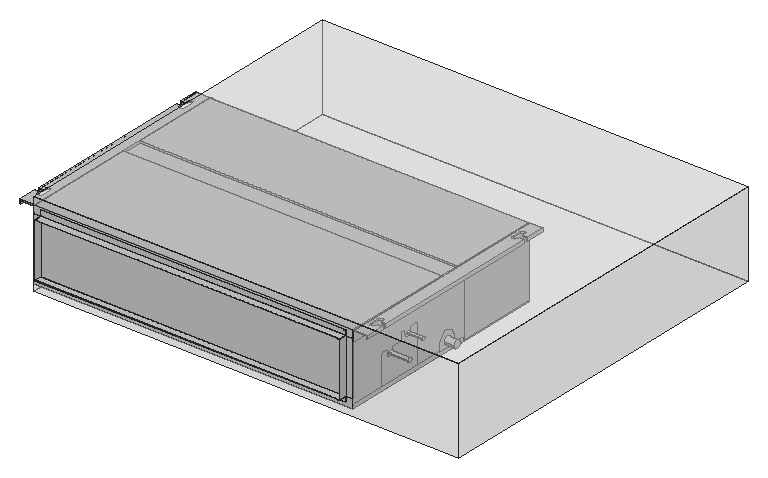
Revit family "outputfile", category 機械設備, Revit 2024
Family settings
  丸型コネクタ寸法 = 半径を使用
  パーツ タイプ = 標準
  OmniClass 番号 = 23.75.10.24.21.27.27
  OmniClass タイトル = Split System Air Conditioning Units
  作業面ベース = いいえ
  常に垂直 = はい
  ロード時にボイドで切り取り = いいえ
  注釈の向きを維持 = いいえ
  共有 = いいえ
  部屋計算ポイント = はい
Parameters (values of type "FDKS35CAVMB")
  Description = ""
  書き出し IFC クラス(タイプ) = "IfcUnitaryEquipmentType"
  定義済み IFC タイプ(タイプ) = "AIRCONDITIONINGUNIT"
  Cost = 0
  Type Comments = ""
  Keynote = ""
  Type Image = (empty or 0)
  Assembly Code = ""
  switch_frequency = yes
  ld_powersupply = Depth / 2  # 310.0 mm
  製造元 = "Daikin"
  モデル = "FDKS35CAVMB"
  r_Liquid Pipe Size = Liquid Pipe Size / 2  # 3.2 mm
  r_Gas Pipe Size = Gas Pipe Size / 2  # 4.75 mm
  r_Drain Pipe Size = Drain Pipe Size / 2  # 10.0 mm
  lw_powersupply = 50.0 mm  # constant formula
  lw_ductflange2 = 820.0 mm
  lw_Width = 860.0 mm
  lh_suctionflange [instance] = 100.0 mm  # constant formula
  ld_suctionflange [instance] = if(Rear Connection_Return Air, 190.0 mm, 100.0 mm)  # 190.0 mm
  connector_voltage = Voltage_50Hz  # 230 V
  connector_powerinput = [Power Input (Cooling)]  # 0.000 kW
  connector_phase = Phase_50Hz  # 1
  angle_vertical_RA [instance] = if(Rear Connection_Return Air, 90.00°, 0.00°)  # 90.00°
  angle horizontal_RA [instance] = if(Rear Connection_Return Air, 180.00°, 270.00°)  # 180.00°
  Voltage_comment_50Hz = "220 - 240"
  Voltage_50Hz = 230 V
  URL = ""
  Supply Air Direction [instance] = yes
  Sound Power Level_H speed (dB) = 0
  Rear Connection_Return Air [instance] = not(Bottom Connection_Return Air)  # yes
  RA_length [instance] = if(Rear Connection_Return Air, 190.0 mm, 100.0 mm)  # 190.0 mm
  Phase_50Hz = 1
  Minimum External Static Pressure = 0.00 Pa
  Minimum Circuit Amps_50Hz = 0.0 A
  Maximum Fuse Amps_50Hz = 0.0 A
  Maximum External Static Pressure = 40.00 Pa
  Material_Casing = DAIKIN_GalvanizedSteel_Casing_indoorunit
  lw_liquidpipe = 46.0 mm  # constant formula
  lw_gaspipe = 57.0 mm  # constant formula
  lw_mountinghole = 940.0 mm
  lw_drainpipe = 30.0 mm  # constant formula
  lh_powersupply = 150.0 mm  # constant formula
  lh_liquidpipe = 90.0 mm  # constant formula
  lh_gaspipe = 113.0 mm  # constant formula
  lh_mountinghole = Height  # 200.0 mm
  lh_drainpipe = 170.0 mm  # constant formula
  lh_antena = 1.0 mm  # constant formula
  ld_liquidpipe = 193.0 mm  # constant formula
  ld_gaspipe = 130.0 mm  # constant formula
  ld_mountinghole = 500.0 mm  # constant formula
  ld_drainpipe = 330.0 mm  # constant formula
  ld_controlbox = 626.0 mm  # constant formula
  h*** = 0.0 mm  # constant formula
  d_dischargeflange = 21.2 mm  # constant formula
  Width = 900.0 mm
  Version = "ver.1.0"
  Unit Type = "Duct (L.S.P)"
  Unit Mass Weight = 25.00 kg
  Unit Designation [instance] = ""
  Uniclass2015Version = "Products v1.30"
  Uniclass2015Title = "Split coil room air conditioning units"
  Uniclass2015Code = "Pr_70_65_03_86"
  Total Cooling Capacity [instance] = 0.000 kW
  Sound Pressure Level_M speed (dBA) = 33
  Sound Pressure Level_L speed (dBA) = 31
  Sound Pressure Level_H speed (dBA) = 35
  Series = "Multi Split_Fan Coil Unit"
  Sensible Cooling Capacity [instance] = 0.000 kW
  SA Duct Size Width = 860.0 mm
  SA Duct Size Height = 153.0 mm
  Refrigerant Type = "R410A"
  RA Duct Size Width = 780.0 mm
  RA Duct Size Height = 160.0 mm
  Power Input (Cooling) = 0.000 kW
  Option Accessory 3 [instance] = ""
  Option Accessory 2 [instance] = ""
  Option Accessory 1 [instance] = ""
  Nominal Cooling Capacity = 3.500 kW
  Minimum Airflow = 510.00 m³/h
  Median Airflow = 558.00 m³/h
  Maximum Airflow = 600.00 m³/h
  Load Classification = HVAC
  Liquid Pipe Size = 6.4 mm
  Link_Nested Family [instance] = ""
  IfcVersion = ""
  IfcExportType = "AIRCONDITIONINGUNIT"
  IfcExportAs = "IfcUnitaryEquipmentType"
  Height = 200.0 mm
  Heat Exchanger Type = "Cross Fin Coil"
  Gas Pipe Size = 9.5 mm
  Frequency_50Hz = 50 Hz
  Fan Type = "Sirocco Fan"
  Fan Drive = "Direct Drive"
  FCU Tag No. [instance] = ""
  Drain Pipe Size = 20.0 mm
  Design Supply Airflow [instance] = 0.00 m³/h
  Design Return Airflow [instance] = 0.00 m³/h
  Design External Static Pressure [instance] = 0.00 Pa
  Depth = 620.0 mm
  既定の高さ = 0.0 mm
  Cooling Entering Wet Bulb Temperature [instance] = 0.00 °C
  Cooling Entering Dry Bulb Temperature [instance] = 0.00 °C
  Cooling Ambient Wet Bulb Temperature [instance] = 0.00 °C
  Cooling Ambient Dry Bulb Temperature [instance] = 0.00 °C
  Clearance visibility [instance] = yes
  Clearance Top = 20.0 mm
  Clearance Right = 300.0 mm
  Clearance Rear = 400.0 mm
  Clearance Left = 0.0 mm
  Clearance Front = 0.0 mm
  Clearance Bottom = 20.0 mm
  Bottom Connection_Return Air [instance] = no
Reference planes
  plane 1 "Center (Front/Back)": y = 0
  plane 2: z = 0
  plane 3 "Center (Left/Right)": x = 0
  plane 4 "Back": y = 310
  plane 5 "Front": y = -310
  plane 6 "Left": x = -450
  plane 7 "Right": x = 450
  plane 8 "Top": z = 0
  plane 9 "Bottom": z = -200
  plane 10: x = -470
  plane 11: x = 470
  plane 12: y = 250
  plane 13: z = 0
  plane 14 "Clearance Left": x = -450
  plane 15 "Clearance Right": x = 750
  plane 16 "Clearance Rear": y = 710
  plane 17 "Clearance Front": y = -310
  plane 18 "Clearance Top": z = 20
  plane 19 "Clearance Bottom": z = -220
  plane 20: y = -250
  plane 21: z = -21
  plane 22: z = -97.5
  plane 23: x = -40
  plane 24: y = 120
  plane 25: z = -100
  plane 26: y = -180
  plane 27: z = -113
  plane 28: y = -117
  plane 29: z = -90
  plane 30: y = 20
  plane 31: z = -170
  plane 32: x = 507
  plane 33: x = 496
  plane 34: x = 480
  plane 35: x = 400
  plane 36: z = -150
Forms (mm)
  Extrusion 1, solid, material "DAIKIN_GalvanizedSteel_Casing_indoorunit" <- "Material_Casing"
    sketch origin (0, 0, 0) x (1, 0, 0) y (0, 1, 0)
      loop
        line (-450, -310) -> (450, -310) -> (450, 310) -> (-450, 310) -> (-450, -310)
    from -200 to 0
  Extrusion 2, void
    sketch origin (0, 0, 1) x (1, 0, 0) y (0, 1, 0)
      loop
        line (-450, 61.5) -> (-450, 3.5) -> (450, 3.5) -> (450, 61.5) -> (-450, 61.5)
    from -1 to -7
  Extrusion 3, solid, material "DAIKIN_GalvanizedSteel_Casing_indoorunit" <- "Material_Casing", visible <- "Bottom Connection_Return Air"
    sketch origin (0, 0, 0) x (1, 0, 0) y (0, 0, 1)
      loop
        line (369, -200) -> (369, -1) -> (-449, -1) -> (-449, -200) -> (369, -200)
    from -310 to -309
  Extrusion 4, solid, material "DAIKIN_GalvanizedSteel_Casing_indoorunit" <- "Material_Casing", visible <- "Rear Connection_Return Air"
    sketch origin (0, 0, 0) x (1, 0, 0) y (0, 1, 0)
      loop
        line (-449, 310) -> (-449, 111) -> (369, 111) -> (369, 310) -> (-449, 310)
    from -200 to -199
  Extrusion 5, solid, material "DAIKIN_GalvanizedSteel_Casing_indoorunit" <- "Material_Casing"
    sketch origin (450, 0, 0) x (0, 1, 0) y (0, 0, 1)
      loop
        circle (-180, -113) r 4.75
    from 0 to 57
  Extrusion 6, solid, material "DAIKIN_GalvanizedSteel_Casing_indoorunit" <- "Material_Casing"
    sketch origin (450, 0, 0) x (0, 1, 0) y (0, 0, 1)
      loop
        circle (-117, -90) r 3.2
    from 0 to 46
  Extrusion 7, solid, material "DAIKIN_GalvanizedSteel_Casing_indoorunit" <- "Material_Casing"
    sketch origin (450, 0, 0) x (0, 1, 0) y (0, 0, 1)
      loop
        circle (20, -170) r 10
    from 0 to 30
  Extrusion 8, solid, material "DAIKIN_GalvanizedSteel_Casing_indoorunit" <- "Material_Casing"
    sketch origin (450, 0, 0) x (0, 1, 0) y (0, 0, 1)
      loop
        line (-310, -200) -> (78.6, -200) -> (78.6, -193)
        arc (78.6, -193) -> (77.721, -190.879) -> (75.6, -190) r 3
        line (75.6, -190) -> (-310, -190) -> (-310, -200)
    from 0 to -1
  Extrusion 9, solid, material "DAIKIN_GalvanizedSteel_Casing_indoorunit" <- "Material_Casing"
    sketch origin (450, 0, 0) x (0, 1, 0) y (0, 0, 1)
      loop
        line (-210, -190) -> (-85.6, -190) -> (-85.6, -83)
        arc (-85.6, -83) -> (-86.479, -80.879) -> (-88.6, -80) r 3
        line (-88.6, -80) -> (-102, -80)
        arc (-102, -80) -> (-104.121, -80.879) -> (-105, -83) r 3
        line (-105, -83) -> (-105, -90)
        arc (-105, -90) -> (-117, -102) -> (-129, -90) r 12
        line (-129, -90) -> (-129, -83)
        arc (-129, -83) -> (-129.879, -80.879) -> (-132, -80) r 3
        line (-132, -80) -> (-136.1, -80)
        arc (-136.1, -80) -> (-138.221, -80.879) -> (-139.1, -83) r 3
        line (-139.1, -83) -> (-139.1, -102.7) -> (-165, -102.7)
        arc (-165, -102.7) -> (-167.121, -103.579) -> (-168, -105.7) r 3
        line (-168, -105.7) -> (-168, -113)
        arc (-168, -113) -> (-180, -125) -> (-192, -113) r 12
        line (-192, -113) -> (-192, -105.7)
        arc (-192, -105.7) -> (-192.879, -103.579) -> (-195, -102.7) r 3
        line (-195, -102.7) -> (-207, -102.7)
        arc (-207, -102.7) -> (-209.121, -103.579) -> (-210, -105.7) r 3
        line (-210, -105.7) -> (-210, -190)
    from 0 to -1
  Extrusion 10, solid, material "DAIKIN_GalvanizedSteel_Casing_indoorunit" <- "Material_Casing"
    sketch origin (450, 0, 0) x (0, 1, 0) y (0, 0, 1)
      loop
        arc (44.5, -170) -> (20, -145.5) -> (-4.5, -170) r 24.5
        line (-4.5, -170) -> (-4.5, -190) -> (44.5, -190) -> (44.5, -170)
    from 0 to -1
  Extrusion 11, solid, material "DAIKIN_GalvanizedSteel_Casing_indoorunit" <- "Material_Casing"
    sketch origin (450, 0, 0) x (0, 1, 0) y (0, 0, 1)
      loop
        arc (86.6, -22) -> (84.479, -22.879) -> (83.6, -25) r 3
        line (83.6, -25) -> (83.6, -194.5)
        arc (83.6, -194.5) -> (84.479, -196.621) -> (86.6, -197.5) r 3
        line (86.6, -197.5) -> (307, -197.5)
        arc (307, -197.5) -> (309.121, -196.621) -> (310, -194.5) r 3
        line (310, -194.5) -> (310, -25)
        arc (310, -25) -> (309.121, -22.879) -> (307, -22) r 3
        line (307, -22) -> (86.6, -22)
    from 0 to -1
Cuts and joins
  Extrusion 2 cuts Extrusion 1
Dimensions and locks
  "Height": plane 8 "Top" to plane 9 "Bottom"
  equal spacing: plane 10, plane 3 "Center (Left/Right)", plane 11
  "lw_mountinghole": plane 10 to plane 11
  equal spacing: plane 6 "Left", plane 3 "Center (Left/Right)", plane 7 "Right"
  "Width": plane 6 "Left" to plane 7 "Right"
  "Clearance Right": plane 7 "Right" to plane 15 "Clearance Right"
  "Clearance Left": plane 14 "Clearance Left" to plane 6 "Left"
  "Clearance Rear": plane 16 "Clearance Rear" to plane 4 "Back"
  "Clearance Front": plane 5 "Front" to plane 17 "Clearance Front"
  "Clearance Top": plane 18 "Clearance Top" to plane 8 "Top"
  "Clearance Bottom": plane 9 "Bottom" to plane 19 "Clearance Bottom"
  "Depth": plane 4 "Back" to plane 5 "Front"
  equal spacing: plane 4 "Back", plane 1 "Center (Front/Back)", plane 5 "Front"
  Extrusion 3 sketch curve to Extrusion 3 sketch curve = 199.0 mm
  locked: plane 20 to plane 5 "Front" at 60
  "ld_mountinghole": plane 12 to plane 20
  locked: plane 8 "Top" to plane 21 at 21
  locked: plane 23 to plane 3 "Center (Left/Right)" at 40
  "ld_suctionflange": plane 4 "Back" to plane 24
  "lh_suctionflange": plane 8 "Top" to plane 25
  "ld_gaspipe": plane 26 to plane 5 "Front"
  "lh_gaspipe": plane 8 "Top" to plane 27
  "ld_liquidpipe": plane 28 to plane 5 "Front"
  "lh_liquidpipe": plane 8 "Top" to plane 29
  "ld_drainpipe": plane 30 to plane 5 "Front"
  "lh_drainpipe": plane 8 "Top" to plane 31
  "lw_gaspipe": plane 7 "Right" to plane 32
  "lw_liquidpipe": plane 7 "Right" to plane 33
  "lw_drainpipe": plane 7 "Right" to plane 34
  "lw_powersupply": plane 35 to plane 7 "Right"
  "lh_powersupply": plane 8 "Top" to plane 36
  "r_Gas Pipe Size": radius of Extrusion 5 sketch curve
  "r_Liquid Pipe Size": radius of Extrusion 6 sketch curve
  "r_Drain Pipe Size": radius of Extrusion 7 sketch curve
  aligned and locked: level to plane 2
  aligned and locked: Extrusion 1 to plane 9 "Bottom"
  aligned and locked: plane 8 "Top" to Extrusion 1
  aligned and locked: plane 11 to nested 2
  aligned and locked: plane 10 to nested 3
  aligned and locked: plane 10 to nested 4
  aligned and locked: plane 8 "Top" to Extrusion 2
  aligned and locked: plane 9 "Bottom" to Extrusion 4  (x2)
  aligned and locked: plane 7 "Right" to cut or joined group of Extrusion 1, Extrusion 2  (x2)
  aligned and locked: plane 3 "Center (Left/Right)" to nested 9
  aligned and locked: plane 6 "Left" to nested 7
  aligned and locked: plane 8 "Top" to nested 9
  aligned and locked: plane 11 to nested 1
  aligned and locked: nested 6 to plane 1 "Center (Front/Back)"
  aligned and locked: plane 3 "Center (Left/Right)" to nested 6
  aligned and locked: level to plane 8 "Top"
  aligned and locked: plane 1 "Center (Front/Back)" to nested 9
  aligned and locked: plane 5 "Front" to nested 10
  aligned and locked: Extrusion 1 sketch curve to plane 5 "Front"
  aligned and locked: plane 21 to nested 10
  aligned and locked: nested 5 to plane 5 "Front"
  aligned and locked: plane 3 "Center (Left/Right)" to nested 5
  aligned and locked: plane 22 to nested 5
  aligned and locked: Extrusion 2 sketch curve to plane 6 "Left"
  aligned and locked: plane 7 "Right" to Extrusion 2 sketch curve
  aligned and locked: nested 11 to plane 23
  aligned and locked: nested 11 to plane 24
  aligned and locked: plane 27 to Extrusion 5 sketch curve
  aligned and locked: plane 26 to Extrusion 5 sketch curve
  aligned and locked: plane 28 to Extrusion 6 sketch curve
  aligned and locked: plane 29 to Extrusion 6 sketch curve
  aligned and locked: plane 31 to Extrusion 7 sketch curve
  aligned and locked: plane 30 to Extrusion 7 sketch curve
  aligned and locked: plane 26 to nested 12
  aligned and locked: nested 12 to plane 27
  aligned and locked: plane 32 to Extrusion 5
  aligned and locked: plane 32 to nested 12
  aligned and locked: plane 33 to Extrusion 6
  aligned and locked: plane 28 to nested 13
  aligned and locked: nested 13 to plane 29
  aligned and locked: plane 33 to nested 13
  aligned and locked: plane 34 to Extrusion 7
  aligned and locked: plane 30 to nested 14
  aligned and locked: nested 14 to plane 31
  aligned and locked: plane 34 to nested 14
  aligned and locked: Extrusion 8 sketch curve to plane 9 "Bottom"
  aligned and locked: Extrusion 8 sketch curve to plane 5 "Front"
  aligned and locked: plane 14 "Clearance Left" to nested 15
  aligned and locked: plane 15 "Clearance Right" to nested 15
  aligned and locked: plane 16 "Clearance Rear" to nested 15
  aligned and locked: nested 15 to plane 17 "Clearance Front"
  aligned and locked: nested 15 to plane 18 "Clearance Top"
  aligned and locked: nested 15 to plane 19 "Clearance Bottom"
  aligned and locked: nested 16 to plane 35
  aligned and locked: nested 16 to plane 36
  aligned and locked: plane 4 "Back" to nested 16
Automatic sketch dimensions
  Extrusion 1 sketch curve to plane 4 "Back" = 0.0 mm
  Extrusion 1 sketch curve to plane 6 "Left" = 0.0 mm
  Extrusion 1 sketch curve to plane 7 "Right" = 0.0 mm
  Extrusion 4 sketch curve to plane 4 "Back" = 0.0 mm
  plane 6 "Left" to Extrusion 3 sketch curve = 1.0 mm
  plane 6 "Left" to Extrusion 4 sketch curve = 1.0 mm
  Extrusion 4 sketch curve to plane 1 "Center (Front/Back)" = 111.0 mm
  Extrusion 3 sketch curve to plane 9 "Bottom" = 0.0 mm
  Extrusion 3 sketch curve to plane 7 "Right" = 81.0 mm
  Extrusion 4 sketch curve to plane 7 "Right" = 81.0 mm
  Extrusion 2 sketch curve to plane 1 "Center (Front/Back)" = 3.5 mm
  Extrusion 2 sketch curve to Extrusion 2 sketch curve = 58.0 mm
  plane 9 "Bottom" to Extrusion 8 sketch curve = 7.0 mm
  Extrusion 8 sketch curve to plane 24 = 44.4 mm
  Extrusion 8 sketch curve to Extrusion 8 sketch curve = 3.0 mm
  Extrusion 9 sketch curve to plane 27 = 0.0 mm
  Extrusion 9 sketch curve to plane 26 = 0.0 mm
  Extrusion 9 sketch curve to plane 29 = 0.0 mm
  Extrusion 9 sketch curve to plane 28 = 0.0 mm
  Extrusion 9 sketch curve to plane 26 = 12.0 mm
  Extrusion 9 sketch curve to plane 25 = 2.7 mm  (x2)
  Extrusion 9 sketch curve to Extrusion 9 sketch curve = 3.0 mm  (x6)
  Extrusion 9 sketch curve to Extrusion 9 sketch curve = 12.0 mm
  plane 9 "Bottom" to Extrusion 9 sketch curve = 10.0 mm
  Extrusion 9 sketch curve to plane 26 = 30.0 mm
  Extrusion 9 sketch curve to plane 28 = 22.1 mm
  Extrusion 9 sketch curve to Extrusion 9 sketch curve = 4.1 mm
  plane 29 to Extrusion 9 sketch curve = 7.0 mm  (x2)
  Extrusion 9 sketch curve to Extrusion 9 sketch curve = 13.4 mm
  Extrusion 10 sketch curve to plane 30 = 0.0 mm
  Extrusion 10 sketch curve to plane 31 = 0.0 mm
  plane 1 "Center (Front/Back)" to Extrusion 10 sketch curve = 4.5 mm
  plane 9 "Bottom" to Extrusion 10 sketch curve = 10.0 mm
  Extrusion 11 sketch curve to plane 4 "Back" = 0.0 mm
  Extrusion 11 sketch curve to Extrusion 11 sketch curve = 3.0 mm  (x3)
  Extrusion 11 sketch curve to plane 21 = 1.0 mm
  Extrusion 11 sketch curve to plane 21 = 4.0 mm
  Extrusion 11 sketch curve to plane 24 = 33.4 mm
  plane 9 "Bottom" to Extrusion 11 sketch curve = 5.5 mm
Nested families
  nested 1: "daikin_mountinghole" at (470, 250, -200), l_antenna <- "lh_antena", Link_Nested Family <- "Link_Nested Family", h_mountinghole <- "lh_mountinghole", type "daikin_mountinghole"
    with show yes, l_antenna 1.0 mm, h_mountinghole 200.0 mm, Link_Nested Family ""
  nested 2: "daikin_mountinghole" at (470, -250, -200), Link_Nested Family <- "Link_Nested Family", l_antenna <- "lh_antena", h_mountinghole <- "lh_mountinghole", type "daikin_mountinghole"
    with show yes, l_antenna 1.0 mm, h_mountinghole 200.0 mm, Link_Nested Family ""
  nested 3: "daikin_mountinghole" at (-470, -250, -200), l_antenna <- "lh_antena", Link_Nested Family <- "Link_Nested Family", h_mountinghole <- "lh_mountinghole", type "daikin_mountinghole"
    with show yes, l_antenna 1.0 mm, h_mountinghole 200.0 mm, Link_Nested Family ""
  nested 4: "daikin_mountinghole" at (-470, 250, -200), l_antenna <- "lh_antena", Link_Nested Family <- "Link_Nested Family", h_mountinghole <- "lh_mountinghole", type "daikin_mountinghole"
    with show yes, l_antenna 1.0 mm, h_mountinghole 200.0 mm, Link_Nested Family ""
  nested 5: "daikin_connector_rotate2" at (0, -310, -97.5), length <- "d_dischargeflange", type "daikin_connector_rotate2"
    with radius 10.0 mm, length 21.2 mm, angle_vertical 90.00°, show_face no
  nested 6: "daikin_△_symbolicline" at (-75, -129.904, 200) x (-0.5, 0.866, 0) z (0, 0, 1), built-in parameter 1001364 <- "Height", visible <- "Supply Air Direction", type "daikin_△_symbolicline"
    with length 300.0 mm
  nested 7: "daikin_ductflange_FDKS-CAVMB_1" at (-40, 310, -100), visible <- "Rear Connection_Return Air", material <- "Material_Casing", width <- "lw_ductflange2", type "daikin_ductflange_FDKS-CAVMB_1"
    with width 820.0 mm, material DAIKIN_GalvanizedSteel_Casing_indoorunit, height 180.0 mm, depth 21.2 mm
  nested 8: "daikin_ductflange_FDKS-CAVMB_1" at (-40, 210, -200) x (1, 0, 0) z (0, 1, 0), visible <- "Bottom Connection_Return Air", material <- "Material_Casing", width <- "lw_ductflange2", type "daikin_ductflange_FDKS-CAVMB_1"
    with width 820.0 mm, material DAIKIN_GalvanizedSteel_Casing_indoorunit, height 180.0 mm, depth 21.2 mm
  nested 9: "daikin_hangerfixture_FDKS-CAVMB" at (0, 0, 0), type "daikin_hangerfixture_FDKS-CAVMB"
    with width 900.0 mm
  nested 10: "daikin_ductflange_FDKS-CAVMB" at (0, 3.5, -364.201), width <- "lw_Width", material <- "Material_Casing", type "daikin_ductflange_FDKS-CAVMB"
    with width 860.0 mm, material DAIKIN_GalvanizedSteel_Casing_indoorunit, height 155.0 mm, depth 21.2 mm
  nested 11: "daikin_connector_rotate3" at (-40, 120, -100), length <- "RA_length", angle_vertical <- "angle_vertical_RA", angle_horizontal <- "angle horizontal_RA", type "daikin_connector_rotate3"
    with show no, radius 10.0 mm, length 190.0 mm, angle_vertical 90.00°, angle_horizontal 180.00°
  nested 12: "daikin_connector_rotate2" at (450, -180, -113) x (0, 1, 0) z (0, 0, 1), length <- "lw_gaspipe", radius <- "r_Gas Pipe Size", type "daikin_connector_rotate2"
    with radius 4.75 mm, length 57.0 mm, angle_vertical 90.00°, show_face no
  nested 13: "daikin_connector_rotate2" at (450, -117, -90) x (0, 1, 0) z (0, 0, 1), radius <- "r_Liquid Pipe Size", length <- "lw_liquidpipe", type "daikin_connector_rotate2"
    with radius 3.2 mm, length 46.0 mm, angle_vertical 90.00°, show_face no
  nested 14: "daikin_connector_rotate2" at (450, 20, -170) x (0, 1, 0) z (0, 0, 1), radius <- "r_Drain Pipe Size", length <- "lw_drainpipe", type "daikin_connector_rotate2"
    with radius 10.0 mm, length 30.0 mm, angle_vertical 90.00°, show_face no
  nested 15: "daikin_clearancespace" at (150, 200, -99.881), visible <- "Clearance visibility", Link_Nested Family <- "Link_Nested Family", show <- "Clearance visibility", type "daikin_clearancespace"
    with width 1200.0 mm, show yes, height 240.0 mm, depth 1020.0 mm, Link_Nested Family ""
  nested 16: "daikin_connector_rotate2" at (400, 0, -150) x (-1, 0, 0) z (0, 0, 1), length <- "ld_powersupply", type "daikin_connector_rotate2"
    with radius 10.0 mm, length 310.0 mm, angle_vertical 90.00°, show_face no
Connectors
  hvac at (0, -331.2, -97.5), driven by "SA Duct Size Height", driven by "SA Duct Size Width"
    settings: on nested 5, index 1, duct flow 0.00 m³/h, flow factor 0, pres drop 0.00 Pa, loss coef 0, conn angle 0.00°, conn width 860.0 mm, conn height 153.0 mm, conn diameter 609.6 mm, duct sys type 1, conn prof type 1, flow config 0, flow direction 2, loss method 4, conn ref index -1, conn util no, is conn primary yes, conn desc "SA Duct"
  hvac at (-40, 310, -100), driven by "RA Duct Size Height", driven by "RA Duct Size Width"
    settings: on nested 11, index 2, duct flow 0.00 m³/h, flow factor 0, pres drop 0.00 Pa, loss coef 0, conn angle 0.00°, conn width 780.0 mm, conn height 160.0 mm, conn diameter 609.6 mm, duct sys type 2, conn prof type 1, flow config 0, flow direction 1, loss method 4, conn ref index -1, conn util no, is conn primary no, conn desc "RA Duct"
  piping at (507, -180, -113), diameter 9.5, driven by "r_Gas Pipe Size"
    settings: on nested 12, index 3, connector inside diameter 609.6 mm, connector length 0.0 mm, flow factor 0, pipe flow 0.00 m³/h, pressure drop 0.0 Pa, fitting loss kfactor 0, connector angle 0.00°, fixture units 0, engagement length 0.0 mm, angle of deflection 0.00°, flow configuration 1, flow direction 2, fitting loss method 0, system type 29, joint type 0, gender type 0, connector reference index -1, connector utility 0, adjustable connector no, is connector primary yes, connector description "Refrigerant Gas Piping"
  piping at (496, -117, -90), diameter 6.4, driven by "r_Liquid Pipe Size"
    settings: on nested 13, index 4, connector inside diameter 609.6 mm, connector length 0.0 mm, flow factor 0, pipe flow 0.00 m³/h, pressure drop 0.0 Pa, fitting loss kfactor 0, connector angle 0.00°, fixture units 0, engagement length 0.0 mm, angle of deflection 0.00°, flow configuration 1, flow direction 1, fitting loss method 0, system type 29, joint type 0, gender type 0, connector reference index -1, connector utility 0, adjustable connector no, is connector primary no, connector description "Refrigerant Liquid Piping"
  piping at (480, 20, -170), diameter 20, driven by "r_Drain Pipe Size"
    settings: on nested 14, index 5, connector inside diameter 609.6 mm, connector length 0.0 mm, flow factor 0, pipe flow 0.00 m³/h, pressure drop 0.0 Pa, fitting loss kfactor 0, connector angle 0.00°, fixture units 0, engagement length 0.0 mm, angle of deflection 0.00°, flow configuration 1, flow direction 2, fitting loss method 4, system type 16, joint type 0, gender type 0, connector reference index -1, connector utility 0, adjustable connector no, is connector primary no, connector description "Condensate Drain Piping"
  electrical at (400, 310, -150), driven by "Load Classification", driven by "connector_powerinput", driven by "connector_voltage", driven by "connector_phase"
    settings: on nested 16, index 6, voltage 230 V, apparent load 0 VA, apparent load phase1 0 VA, apparent load phase2 0 VA, apparent load phase3 0 VA, power factor 1, load classification "HVAC", number of poles 1, system type 30, power factor state 1, is connector primary yes, connector utility no, sub classification motor no, connector description "Power Supply"
Definition of nested family "daikin_ductflange_FDKS-CAVMB_1"
  Parameters (values of type "daikin_ductflange_FDKS-CAVMB_1")
    width [instance] = 620.0 mm
    material [instance] = none
    height [instance] = 180.0 mm
    depth [instance] = 21.2 mm
    Default Elevation = 0.0 mm
  Reference planes
    plane 1 "Center (Front/Back)": y = 0
    plane 2: z = 0
    plane 3 "Center (Left/Right)": x = 0
    plane 4: x = -310
    plane 5: x = 310
    plane 6: z = 90
    plane 7: z = -90
    plane 8: z = 100
    plane 9: z = -100
    plane 10: x = -309
    plane 11: x = 309
  Forms (mm)
    Extrusion 1, solid, material <- "material"
      sketch origin (0, 0, 0) x (1, 0, 0) y (0, 0, 1)
        loop
          line (-290, 80) -> (-290, -80) -> (290, -80) -> (290, 80) -> (-290, 80)
        loop
          line (-309, -99) -> (309, -99) -> (309, 99) -> (-309, 99) -> (-309, -99)
      from 0 to 1
  Dimensions and locks
    equal spacing: plane 5, plane 3 "Center (Left/Right)", plane 4, locked at 310 each
    "width": plane 5 to plane 4
    equal spacing: plane 6, level, plane 7, locked at 90 each
    "height": plane 6 to plane 7
    equal spacing: plane 8, level, plane 9, locked at 100 each
    locked: plane 8 to plane 9 at 200
    plane 10 to plane 4 = 1.0 mm
    locked: plane 5 to plane 11 at 1
    locked: Extrusion 1 sketch curve to Extrusion 1 sketch curve at 19  (x4)
    locked: plane 8 to Extrusion 1 sketch curve at 1
    locked: Extrusion 1 sketch curve to plane 9 at 1
    aligned and locked: level to plane 2
  Automatic sketch dimensions
    plane 4 to Extrusion 1 sketch curve = 1.0 mm
    Extrusion 1 sketch curve to plane 5 = 1.0 mm
Definition of nested family "daikin_hangerfixture_FDKS-CAVMB"
  Parameters (values of type "daikin_hangerfixture_CDKS-EAVMA")
    width = 700.0 mm
    material = none
    height = 30.0 mm
    depth = 618.0 mm
    Default Elevation = 0.0 mm
  Reference planes
    plane 1 "Center (Front/Back)": y = 0
    plane 2: z = 0
    plane 3 "Center (Left/Right)": x = 0
    plane 4: x = 350
    plane 5: y = 309
    plane 6: y = -309
    plane 7: x = -350
    plane 8: z = -30
  Forms (mm)
    Extrusion 1, solid, material <- "material"
      sketch origin (0, 0, 0) x (1, 0, 0) y (0, 0, 1)
        loop
          line (350, 0) -> (350, -30) -> (352.3, -30) -> (352.3, -2.3) -> (387.7, -2.3) -> (387.7, -10) -> (390, -10) -> (390, 0) -> (350, 0)
      from -309 to 309
    Extrusion 2, void
      sketch origin (0, 0, 0) x (0, 1, 0) y (0, 0, 1)
        loop
          line (309, -30) -> (309, -17.979) -> (87.935, -17.979) -> (75.914, -30) -> (309, -30)
      from 0 to 450
    Extrusion 3, void
      sketch origin (0, 0, 0) x (1, 0, 0) y (0, 1, 0)
        loop
          line (390, -243.5) -> (377, -243.5) -> (377, -237)
          arc (377, -237) -> (370, -230) -> (363, -237) r 7
          line (363, -237) -> (363, -263)
          arc (363, -263) -> (370, -270) -> (377, -263) r 7
          line (377, -263) -> (377, -256.5) -> (390, -256.5) -> (390, -243.5)
        loop
          line (390, 243.5) -> (390, 256.5) -> (377, 256.5) -> (377, 263)
          arc (377, 263) -> (370, 270) -> (363, 263) r 7
          line (363, 263) -> (363, 237)
          arc (363, 237) -> (370, 230) -> (377, 237) r 7
          line (377, 237) -> (377, 243.5) -> (390, 243.5)
      from -254.96 to 618
    Extrusion 4, solid, material <- "material"
      sketch origin (0, 0, 0) x (-1, 0, 0) y (0, 0, -1)
        loop
          line (350, 0) -> (390, 0) -> (390, 10) -> (387.7, 10) -> (387.7, 2.3) -> (352.3, 2.3) -> (352.3, 30) -> (350, 30) -> (350, 0)
      from -309 to 309
    Extrusion 5, void
      sketch origin (0, 0, 0) x (-1, 0, 0) y (0, -1, 0)
        loop
          line (390, 243.5) -> (390, 256.5) -> (377, 256.5) -> (377, 263)
          arc (377, 263) -> (370, 270) -> (363, 263) r 7
          line (363, 263) -> (363, 237)
          arc (363, 237) -> (370, 230) -> (377, 237) r 7
          line (377, 237) -> (377, 243.5) -> (390, 243.5)
        loop
          line (390, -243.5) -> (377, -243.5) -> (377, -237)
          arc (377, -237) -> (370, -230) -> (363, -237) r 7
          line (363, -237) -> (363, -263)
          arc (363, -263) -> (370, -270) -> (377, -263) r 7
          line (377, -263) -> (377, -256.5) -> (390, -256.5) -> (390, -243.5)
      from -254.96 to 618
  Cuts and joins
    Extrusion 2, Extrusion 3, Extrusion 5 cuts Extrusion 1
    Extrusion 5 cuts Extrusion 4
  Dimensions and locks
    equal spacing: plane 5, plane 1 "Center (Front/Back)", plane 6
    "depth": plane 5 to plane 6
    plane 6 to plane 1 "Center (Front/Back)" to plane 5 = 309.0 mm, 309.0 mm
    equal spacing: plane 4, plane 3 "Center (Left/Right)", plane 7
    "width": plane 4 to plane 7
    "height": level to plane 8
    aligned and locked: level to plane 2
    aligned and locked: plane 5 to Extrusion 1
    aligned and locked: Extrusion 1 to plane 6
    aligned and locked: Extrusion 1 to plane 4
    aligned and locked: plane 5 to cut or joined group of Extrusion 1, Extrusion 2, Extrusion 3, Extrusion 5
    aligned and locked: cut or joined group of Extrusion 1, Extrusion 2, Extrusion 3, Extrusion 5 to plane 6
    aligned and locked: level to cut or joined group of Extrusion 1, Extrusion 2, Extrusion 3, Extrusion 5
    aligned and locked: cut or joined group of Extrusion 1, Extrusion 2, Extrusion 3, Extrusion 5 to plane 8
    aligned and locked: plane 5 to cut or joined group of Extrusion 4, Extrusion 5
    aligned and locked: cut or joined group of Extrusion 4, Extrusion 5 to plane 6
  Automatic sketch dimensions
    Extrusion 1 sketch curve to plane 4 = 0.0 mm
    Extrusion 1 sketch curve to plane 8 = 0.0 mm
    Extrusion 1 sketch curve to level = 0.0 mm
    plane 4 to Extrusion 1 sketch curve = 2.3 mm
    Extrusion 1 sketch curve to level = 2.3 mm
    Extrusion 1 sketch curve to Extrusion 1 sketch curve = 35.4 mm
    Extrusion 1 sketch curve to Extrusion 1 sketch curve = 2.3 mm
    Extrusion 1 sketch curve to Extrusion 1 sketch curve = 7.7 mm
    Extrusion 2 sketch curve to plane 8 = 0.0 mm
    Extrusion 2 sketch curve to plane 5 = 0.0 mm
    plane 8 to Extrusion 2 sketch curve = 12.021 mm
    Extrusion 2 sketch curve to plane 1 "Center (Front/Back)" = 87.935 mm
    Extrusion 2 sketch curve to Extrusion 2 sketch curve = 12.021 mm
    plane 4 to Extrusion 3 sketch curve = 13.0 mm  (x2)
    Extrusion 3 sketch curve to Extrusion 3 sketch curve = 7.0 mm  (x4)
    Extrusion 3 sketch curve to Extrusion 3 sketch curve = 13.0 mm  (x4)
    plane 6 to Extrusion 3 sketch curve = 46.0 mm
    Extrusion 3 sketch curve to Extrusion 3 sketch curve = 6.5 mm  (x4)
    Extrusion 3 sketch curve to plane 5 = 72.0 mm
    Extrusion 4 sketch curve to plane 7 = 0.0 mm
    Extrusion 4 sketch curve to plane 8 = 0.0 mm
    Extrusion 4 sketch curve to level = 0.0 mm
    Extrusion 4 sketch curve to plane 7 = 2.3 mm
    Extrusion 4 sketch curve to level = 2.3 mm
    Extrusion 4 sketch curve to Extrusion 4 sketch curve = 35.4 mm
    Extrusion 4 sketch curve to Extrusion 4 sketch curve = 2.3 mm
    Extrusion 4 sketch curve to Extrusion 4 sketch curve = 7.7 mm
    Extrusion 5 sketch curve to plane 7 = 13.0 mm  (x2)
    Extrusion 5 sketch curve to Extrusion 5 sketch curve = 7.0 mm  (x4)
    Extrusion 5 sketch curve to Extrusion 5 sketch curve = 13.0 mm  (x4)
    Extrusion 5 sketch curve to plane 5 = 46.0 mm
    Extrusion 5 sketch curve to Extrusion 5 sketch curve = 6.5 mm  (x4)
    plane 6 to Extrusion 5 sketch curve = 72.0 mm
Definition of nested family "daikin_ductflange_FDKS-CAVMB"
  Parameters (values of type "daikin_ductflange_FXDQ-NDVET")
    width [instance] = 660.0 mm
    material [instance] = none
    height [instance] = 155.0 mm
    depth [instance] = 21.2 mm
    Default Elevation = 0.0 mm
  Reference planes
    plane 1 "Center (Front/Back)": y = 0
    plane 2: z = 189.201
    plane 3 "Center (Left/Right)": x = 0
    plane 4: y = -313.5
    plane 5: x = -330
    plane 6: x = 330
    plane 7: y = -334.7
    plane 8: z = 344.201
    plane 9: z = 266.701
    plane 10: z = 343.201
    plane 11: z = 190.201
  Forms (mm)
    Extrusion 1, solid, material <- "material"
      sketch origin (0, 0, 189.201) x (1, 0, 0) y (0, 1, 0)
        loop
          line (-330, -334.7) -> (-330, -313.5) -> (-350, -313.5) -> (-350, -314.5) -> (-331, -314.5) -> (-331, -334.7) -> (-330, -334.7)
        loop
          line (330, -334.7) -> (331, -334.7) -> (331, -314.5) -> (350, -314.5) -> (350, -313.5) -> (330, -313.5) -> (330, -334.7)
      from 1 to 154
    Extrusion 2, solid, material <- "material"
      sketch origin (0, 0, 0) x (0, 1, 0) y (0, 0, 1)
        loop
          line (-313.5, 343.201) -> (-313.5, 358.201) -> (-314.5, 358.201) -> (-314.5, 344.201) -> (-334.7, 344.201) -> (-334.7, 343.201) -> (-313.5, 343.201)
        loop
          line (-313.5, 190.201) -> (-334.7, 190.201) -> (-334.7, 189.201) -> (-314.5, 189.201) -> (-314.5, 175.201) -> (-313.5, 175.201) -> (-313.5, 190.201)
      from -330 to 330
  Dimensions and locks
    plane 4 to plane 1 "Center (Front/Back)" = 313.5 mm
    "depth": plane 7 to plane 4
    equal spacing: plane 8, plane 9, level
    "height": plane 8 to level
    equal spacing: plane 6, plane 3 "Center (Left/Right)", plane 5
    "width": plane 6 to plane 5
    locked: plane 8 to plane 10 at 1
    locked: plane 11 to level at 1
    locked: Extrusion 1 to Extrusion 2 sketch curve at 1
    locked: Extrusion 2 sketch curve to Extrusion 1 at 1
    plane 10 to plane 11 = 153.0 mm
    aligned and locked: level to plane 2
    aligned and locked: Extrusion 2 to plane 5
    aligned and locked: Extrusion 2 to plane 11
    aligned and locked: Extrusion 2 to plane 10
    aligned and locked: plane 6 to Extrusion 2
    aligned and locked: plane 5 to Extrusion 2  (x2)
    aligned and locked: plane 5 to Extrusion 1  (x2)
    aligned and locked: Extrusion 1 to plane 6
    aligned and locked: plane 6 to Extrusion 1
    aligned and locked: Extrusion 1 to plane 10
  Automatic sketch dimensions
    Extrusion 2 sketch curve to plane 7 = 0.0 mm  (x2)
    Extrusion 2 sketch curve to plane 4 = 0.0 mm  (x2)
    Extrusion 2 sketch curve to plane 11 = 0.0 mm
    Extrusion 2 sketch curve to plane 10 = 0.0 mm
    Extrusion 2 sketch curve to plane 4 = 1.0 mm  (x2)
    Extrusion 2 sketch curve to level = 14.0 mm
    plane 8 to Extrusion 2 sketch curve = 14.0 mm
    Extrusion 1 sketch curve to plane 4 = 0.0 mm  (x2)
    Extrusion 1 sketch curve to plane 7 = 0.0 mm  (x2)
    Extrusion 1 sketch curve to plane 5 = 0.0 mm
    Extrusion 1 sketch curve to plane 6 = 0.0 mm
    Extrusion 1 sketch curve to plane 5 = 1.0 mm
    Extrusion 1 sketch curve to Extrusion 1 sketch curve = 19.0 mm  (x2)
    Extrusion 1 sketch curve to Extrusion 1 sketch curve = 1.0 mm
    Extrusion 1 sketch curve to plane 4 = 1.0 mm  (x2)
Definition of nested family "daikin_clearancespace"
  Parameters (values of type "daikin_clearancespace")
    Description = "daikin_clearancespace"
    width [instance] = 1823.963 mm
    show [instance] = yes
    material = none
    height [instance] = 1359.762 mm
    depth [instance] = 880.0 mm
    Default Elevation = 0.0 mm
    Link_Nested Family [instance] = ""
  Reference planes
    plane 1 "Center (Front/Back)": y = 0
    plane 2 "Center (Elevation)": z = -0.119
    plane 3 "Center (Left/Right)": x = 0
    plane 4: y = 440
    plane 5: y = -440
    plane 6 "Right": x = 911.982
    plane 7 "Left": x = -911.982
    plane 8 "Top": z = 679.762
    plane 9 "Bottom": z = -680
  Forms (mm)
    Extrusion 1, solid, material <- "material", visible <- "show"
      sketch origin (0, 0, 0) x (1, 0, 0) y (0, 1, 0)
        loop
          line (-911.982, 440) -> (-911.982, -440) -> (911.982, -440) -> (911.982, 440) -> (-911.982, 440)
      from -680 to 679.762
  Lines and regions (mm)
    symbolic lines, visible <- "show"
      curve 1: line (911.982, 440, 0) -> (-911.982, 440, 0)
      curve 2: line (-911.982, 440, 0) -> (-911.982, -440, 0)
      curve 3: line (-911.982, -440, 0) -> (911.982, -440, 0)
      curve 4: line (911.982, -440, 0) -> (911.982, 440, 0)
      curve 5: line (911.982, 0, 679.762) -> (-911.982, 0, 679.762)
      curve 6: line (911.982, 0, -680) -> (911.982, 0, 679.762)
      curve 7: line (-911.982, 0, -680) -> (911.982, 0, -680)
      curve 8: line (-911.982, 0, 679.762) -> (-911.982, 0, -680)
      curve 9: line (0, 440, 679.762) -> (0, -440, 679.762)
      curve 10: line (0, -440, 679.762) -> (0, -440, -680)
      curve 11: line (0, 440, -680) -> (0, 440, 679.762)
      curve 12: line (0, -440, -680) -> (0, 440, -680)
  Dimensions and locks
    "width": plane 7 "Left" to plane 6 "Right"
    "depth": plane 4 to plane 5
    "height": plane 8 "Top" to plane 9 "Bottom"
    equal spacing: plane 7 "Left", plane 3 "Center (Left/Right)", plane 6 "Right"
    equal spacing: plane 4, plane 1 "Center (Front/Back)", plane 5
    equal spacing: plane 8 "Top", plane 2 "Center (Elevation)", plane 9 "Bottom"
    aligned and locked: level to plane 2 "Center (Elevation)"
    aligned and locked: Extrusion 1 sketch curve to plane 4
    aligned and locked: plane 7 "Left" to Extrusion 1 sketch curve
    aligned and locked: Extrusion 1 sketch curve to plane 5
    aligned and locked: Extrusion 1 sketch curve to plane 6 "Right"
    aligned and locked: plane 8 "Top" to Extrusion 1
    aligned and locked: curve 1 to Extrusion 1
    aligned and locked: curve 2 to Extrusion 1
    aligned and locked: curve 3 to Extrusion 1
    aligned and locked: curve 4 to Extrusion 1
    aligned and locked: curve 5 to Extrusion 1
    aligned and locked: curve 6 to Extrusion 1
    aligned and locked: curve 7 to Extrusion 1
    aligned and locked: curve 8 to Extrusion 1
    aligned and locked: curve 9 to Extrusion 1
    aligned and locked: curve 10 to Extrusion 1
    aligned and locked: curve 11 to Extrusion 1
    aligned and locked: curve 12 to Extrusion 1
    aligned and locked: Extrusion 1 to plane 9 "Bottom"
Definition of nested family "daikin_mountinghole"
  Parameters (values of type "daikin_mountinghole")
    Default Elevation = 1219.2 mm
    Type Comments = "mountinghole"
    show [instance] = yes
    material = none
    l_centerline = 100.0 mm
    l_antenna [instance] = 100.0 mm
    h_mountinghole [instance] = 0.0 mm
    d_circle = 30.0 mm
    Link_Nested Family [instance] = ""
  Reference planes
    plane 1 "Center (Front/Back)": y = 0
    plane 2: z = 0
    plane 3 "Center (Left/Right)": x = 0
    plane 4: y = 50
    plane 5: x = -50
    plane 6: x = 50
    plane 7: y = -50
    plane 8 "h_mountinghole": z = 0
    plane 9: z = 100
  Lines and regions (mm)
    model lines, detail levels fine
      curve 1: circle (0, 0, 0) r 15 normal (0, 0, 1)
      curve 2: line (-50, 0, 0) -> (50, 0, 0)
      curve 3: line (0, 50, 0) -> (0, -50, 0)
    symbolic lines, detail levels fine
      curve 4: circle (0, 0, 0) r 15 normal (0, 0, 1)
      curve 5: line (-50, 0, 0) -> (50, 0, 0)
      curve 6: line (0, 50, 0) -> (0, -50, 0)
    model lines
      curve 7: line (0, 0, 100) -> (0, 0, 0)
  Dimensions and locks
    equal spacing: plane 4, plane 1 "Center (Front/Back)", plane 7
    "l_centerline": plane 4 to plane 7
    equal spacing: plane 5, plane 3 "Center (Left/Right)", plane 6
    "l_centerline": plane 5 to plane 6
    "l_antenna": plane 9 to plane 8 "h_mountinghole"
    "h_mountinghole": plane 8 "h_mountinghole" to plane 2
    "d_circle": diameter of curve 1
    "d_circle": diameter of curve 4
    aligned and locked: level to plane 2
    aligned and locked: plane 1 "Center (Front/Back)" to curve 1
    aligned and locked: plane 3 "Center (Left/Right)" to curve 1
    aligned and locked: plane 1 "Center (Front/Back)" to curve 2
    aligned and locked: curve 3 to plane 3 "Center (Left/Right)"
    aligned and locked: plane 6 to curve 2
    aligned and locked: plane 5 to curve 2
    aligned and locked: plane 4 to curve 3
    aligned and locked: plane 7 to curve 3
    aligned and locked: plane 1 "Center (Front/Back)" to curve 4
    aligned and locked: plane 3 "Center (Left/Right)" to curve 4
    aligned and locked: plane 6 to curve 5
    aligned and locked: plane 5 to curve 5
    aligned and locked: plane 1 "Center (Front/Back)" to curve 5
    aligned and locked: plane 4 to curve 6
    aligned and locked: plane 7 to curve 6
    aligned and locked: curve 6 to plane 3 "Center (Left/Right)"
    aligned and locked: curve 7 to plane 3 "Center (Left/Right)"
    aligned and locked: plane 9 to curve 7
    aligned and locked: plane 8 "h_mountinghole" to curve 7
Definition of nested family "daikin_connector_rotate2"
  Parameters (values of type "daikin_connector_rotate2")
    show_face = yes
    radius [instance] = 10.0 mm
    length [instance] = 600.0 mm
    d_surface = 10.0 mm
    angle_vertical [instance] = 90.00°
    Default Elevation = 0.0 mm
  Reference planes
    plane 1 "Center (Front/Back)": y = 0
    plane 2: z = 0
    plane 3 "Center (Left/Right)": x = 0
  Forms (mm)
    Extrusion 1, solid, visible <- "show_face"
      sketch origin (0, -600, 0) x (1, 0, 0) y (0, 0, 1)
        loop
          circle (0, 0) r 10
      from 0 to -10
  Lines and regions (mm)
    reference lines
      curve 1: line (0, 0, 0) -> (0, -600, 0)
    symbolic lines
      curve 2: circle (0, 0, 0) r 5 normal (0, 0, 1)
    model lines, visible <- "show_face"
      curve 3: line (0, 0, 0) -> (0, -600, 0)
  Dimensions and locks
    "length": curve 1 to curve 1
    "length": curve 3 to curve 3
    "d_surface": Extrusion 1 to Extrusion 1
    "radius": radius of Extrusion 1 sketch curve
    "angle_vertical": angle curve 1 to plane 1 "Center (Front/Back)"
    "angle_vertical": angle curve 3 to plane 1 "Center (Front/Back)"
    aligned and locked: level to plane 2
    aligned and locked: plane 1 "Center (Front/Back)" to curve 1
    aligned and locked: plane 2 to curve 1
    aligned and locked: plane 1 "Center (Front/Back)" to curve 2
    aligned and locked: plane 3 "Center (Left/Right)" to curve 2
    aligned and locked: plane 1 "Center (Front/Back)" to curve 3
    aligned and locked: plane 2 to curve 3
    aligned and locked: Extrusion 1 to Extrusion 1
  Automatic sketch dimensions
    Extrusion 1 sketch curve to level = 0.0 mm
    Extrusion 1 sketch curve to plane 3 "Center (Left/Right)" = 0.0 mm
    radius of curve 2 = 5.0 mm
Definition of nested family "daikin_△_symbolicline"
  Parameters (values of type "daikin_△_symbolicline")
    length [instance] = 500.0 mm
    Default Elevation = 0.0 mm
  Reference planes
    plane 1 "Center (Front/Back)": y = 0
    plane 2: z = 0
    plane 3 "Center (Left/Right)": x = 0
  Lines and regions (mm)
    symbolic lines
      curve 1: line (0, -433.013, 0) -> (250, 0, 0)
      curve 2: line (250, 0, 0) -> (-250, 0, 0)
      curve 3: line (-250, 0, 0) -> (0, -433.013, 0)
  Dimensions and locks
    equal spacing: curve 3, plane 3 "Center (Left/Right)", curve 2
    "length": curve 3 to curve 2
    "length": curve 3 to curve 3
    "length": curve 1 to curve 1
    aligned and locked: level to plane 2
    aligned and locked: curve 2 to plane 1 "Center (Front/Back)"
    aligned and locked: plane 3 "Center (Left/Right)" to curve 3
Definition of nested family "daikin_connector_rotate3"
  Parameters (values of type "daikin_connector_rotate3")
    Default Elevation = 1219.2 mm
    show [instance] = yes
    radius [instance] = 10.0 mm
    length [instance] = 600.0 mm
    angle_horizontal [instance] = 60.00°
    angle_vertical [instance] = 90.00°
  Reference planes
    plane 1 "Center (Front/Back)": y = 0
    plane 2: z = 0
    plane 3 "Center (Left/Right)": x = 0
  Dimensions and locks
    "angle_horizontal": angle plane 3 "Center (Left/Right)" to nested 1
    aligned and locked: level to plane 2
    aligned and locked: plane 1 "Center (Front/Back)" to nested 1  (x2)
    aligned and locked: plane 3 "Center (Left/Right)" to nested 1
  Nested families
    nested 1: "daikin_connector_rotate2" at (0, 0, 0) x (0.5, 0.866, 0) z (0, 0, 1), angle_vertical <- "angle_vertical", length <- "length", radius <- "radius", type "daikin_connector_rotate2"
      with radius 10.0 mm, length 600.0 mm, angle_vertical 90.00°
  Definition of nested family "daikin_connector_rotate2"
    Parameters (values of type "daikin_connector_rotate2")
      show_face = yes
      radius [instance] = 10.0 mm
      length [instance] = 600.0 mm
      d_surface = 10.0 mm
      angle_vertical [instance] = 90.00°
      Default Elevation = 0.0 mm
    Reference planes
      plane 1 "Center (Front/Back)": y = 0
      plane 2: z = 0
      plane 3 "Center (Left/Right)": x = 0
    Forms (mm)
      Extrusion 1, solid, visible <- "show_face"
        sketch origin (0, -600, 0) x (1, 0, 0) y (0, 0, 1)
          loop
            circle (0, 0) r 10
        from 0 to -10
    Lines and regions (mm)
      reference lines
        curve 1: line (0, 0, 0) -> (0, -600, 0)
      symbolic lines
        curve 2: circle (0, 0, 0) r 5 normal (0, 0, 1)
      model lines, visible <- "show_face"
        curve 3: line (0, 0, 0) -> (0, -600, 0)
    Dimensions and locks
      "length": curve 1 to curve 1
      "length": curve 3 to curve 3
      "d_surface": Extrusion 1 to Extrusion 1
      "radius": radius of Extrusion 1 sketch curve
      "angle_vertical": angle curve 1 to plane 1 "Center (Front/Back)"
      "angle_vertical": angle curve 3 to plane 1 "Center (Front/Back)"
      aligned and locked: level to plane 2
      aligned and locked: plane 1 "Center (Front/Back)" to curve 1
      aligned and locked: plane 2 to curve 1
      aligned and locked: plane 1 "Center (Front/Back)" to curve 2
      aligned and locked: plane 3 "Center (Left/Right)" to curve 2
      aligned and locked: plane 1 "Center (Front/Back)" to curve 3
      aligned and locked: plane 2 to curve 3
      aligned and locked: Extrusion 1 to Extrusion 1
    Automatic sketch dimensions
      Extrusion 1 sketch curve to level = 0.0 mm
      Extrusion 1 sketch curve to plane 3 "Center (Left/Right)" = 0.0 mm
      radius of curve 2 = 5.0 mm
